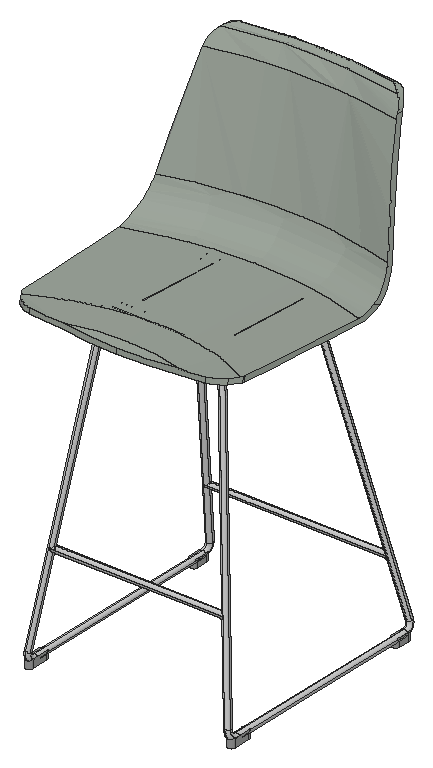
Revit family "FU_Stool_Sandler_Varya 0067-PP", category Furniture, Revit 2020
Family settings
  OmniClass Number = 23.40.20.00
  OmniClass Title = General Furniture and Specialties
  Work Plane-Based = No
  Always vertical = Yes
  Cut with Voids When Loaded = No
  Shared = No
  Room Calculation Point = No
Parameters (values of type "Varya 0067")
  Width = 465 mm
  URL = "https://www.sandlerseating.com/product/varya-0067/"
  Shell [instance] = Polypropylene - M2_V74
  Seat [instance] = none
  Model = "Varya 0067"
  Manufacturer = "Sandler"
  Height = 1020 mm
  Frame [instance] = Metal - Chrome - Polished
  Description = "High back counterstool with polypropylene shell, round steel tube sled base and upholstered seat. Greenguard Certified."
  Depth = 490 mm
  Default Elevation = 0 mm
Reference planes
  plane 1 "Center (Front/Back)": y = 0
  plane 2: z = 0
  plane 3 "Center (Left/Right)": x = 0
  plane 4 "Right": x = -232.5
  plane 5 "Left": x = 232.5
  plane 6 "Back": y = 245
  plane 7 "Front": y = -245
  plane 8 "Height": z = 1020
  plane 9 "Seat height": z = 640
  plane 10 "Frame Left FRONT": through (198.912, -1524, 31.346) normal (-0.9909, 0, -0.1347)
  plane 11 "Frame Right FRONT": through (-198.912, -1524, 31.346) normal (-0.9909, 0, 0.1347)
  plane 12 "Frame Front RIGHT": through (4267.2, -225.901, 30.141) normal (0, -0.9897, 0.1428)
  plane 13 "Frame Back RIGHT": through (4267.2, 224.33, 31.421) normal (0, -0.9743, -0.2253)
  plane 14 "Stretch F RIGHT": z = 214.183
  plane 15 "Stretch B RIGHT": z = 150.129
  plane 16 "F Cross Top RIGHT": through (4267.2, -130.821, 647.018) normal (0, 0.0581, 0.9983)
Forms (mm)
  Sweep 1, solid, material "Metal - Chrome - Polished" <- "Frame"
    path origin (199.487, 0, 27.117) x (0.134693, 0, -0.990887) y (0, -1, 0)
      loop
        line (-604.852, 139.98) -> (-5.632, 227.277)
        arc (-5.632, 227.277) -> (8.797, 223.082) -> (15.051, 209.42) r 18.05
        line (15.051, 209.42) -> (15.051, -210.213)
        arc (15.051, -210.213) -> (9.37, -222.076) -> (-3.434, -225.085) r 15.225
        line (-3.434, -225.085) -> (-595.732, -88.874)
    profile "Pro_Circles : 12mm" origin (201.514, 0.397, 12.202) x (0.134693, 0, -0.990887) y (-0.990887, 0, -0.134693)
      loop
        arc (-5.967, 0.067) -> (-4.287, -4.192) -> (-0.067, -5.967) r 5.901
        arc (-0.067, -5.967) -> (4.24, -4.24) -> (5.967, 0.067) r 5.902
        arc (5.967, 0.067) -> (4.192, 4.286) -> (-0.067, 5.967) r 5.901
        arc (-0.067, 5.967) -> (-4.238, 4.238) -> (-5.967, 0.067) r 5.9
  Sweep 2, solid, material "Metal - Chrome - Polished" <- "Frame"
    path origin (0, 219.842, 50.831) x (0, 0.225273, -0.974296) y (1, 0, 0)
      loop
        line (-577.263, 119.832) -> (-589.197, 118.167)
        arc (-589.197, 118.167) -> (-598.141, 112.876) -> (-600.665, 102.794) r 13.483
        arc (-600.665, 102.794) -> (-592.937, 0.192) -> (-600.665, -102.411) r 684.995
        arc (-600.665, -102.411) -> (-598.141, -112.492) -> (-589.197, -117.784) r 13.483
        line (-589.197, -117.784) -> (-577.238, -119.453)
    profile "Pro_Circles : 12mm" origin (119, 88.456, 619.07) x (-0.990407, 0.031128, -0.134628) y (0, -0.974296, -0.225273)
      loop
        arc (-5.967, 0.067) -> (-4.287, -4.192) -> (-0.067, -5.967) r 5.901
        arc (-0.067, -5.967) -> (4.24, -4.24) -> (5.967, 0.067) r 5.902
        arc (5.967, 0.067) -> (4.192, 4.286) -> (-0.067, 5.967) r 5.901
        arc (-0.067, 5.967) -> (-4.238, 4.238) -> (-5.967, 0.067) r 5.9
  Sweep 3, solid, material "Metal - Chrome - Polished" <- "Frame"
    path origin (0, -225.554, 32.548) x (0, -0.142821, -0.989748) y (1, 0, 0)
      loop
        line (-593.19, 118.99) -> (-606.091, 117.218)
        arc (-606.091, 117.218) -> (-617.596, 110.767) -> (-621.627, 98.208) r 18.026
        arc (-621.627, 98.208) -> (-618.484, 0) -> (-621.627, -98.208) r 1535.879
        arc (-621.627, -98.208) -> (-617.596, -110.767) -> (-606.091, -117.218) r 18.026
        line (-606.091, -117.218) -> (-593.19, -118.99)
    profile "Pro_Circles : 12mm" origin (0, -137.221, 644.691) x (0, -0.142821, -0.989748) y (0, -0.989748, 0.142821)
      loop
        arc (-5.967, 0.067) -> (-4.287, -4.192) -> (-0.067, -5.967) r 5.901
        arc (-0.067, -5.967) -> (4.24, -4.24) -> (5.967, 0.067) r 5.902
        arc (5.967, 0.067) -> (4.192, 4.286) -> (-0.067, 5.967) r 5.901
        arc (-0.067, 5.967) -> (-4.238, 4.238) -> (-5.967, 0.067) r 5.9
  Sweep 4, solid, material "Metal - Chrome - Polished" <- "Frame"
    path origin (-199.487, 0, 27.117) x (-0.134693, 0, -0.990887) y (0, -1, 0)
      loop
        line (-604.852, 139.98) -> (-5.632, 227.277)
        arc (-5.632, 227.277) -> (8.797, 223.082) -> (15.051, 209.42) r 18.05
        line (15.051, 209.42) -> (15.051, -210.213)
        arc (15.051, -210.213) -> (9.37, -222.076) -> (-3.434, -225.085) r 15.225
        line (-3.434, -225.085) -> (-595.732, -88.874)
    profile "Pro_Circles : 12mm" origin (-201.514, 0.397, 12.202) x (0.134693, 0, 0.990887) y (0.990887, 0, -0.134693)
      loop
        arc (5.967, 0.067) -> (4.238, 4.238) -> (0.067, 5.967) r 5.9
        arc (0.067, 5.967) -> (-4.192, 4.286) -> (-5.967, 0.067) r 5.901
        arc (-5.967, 0.067) -> (-4.24, -4.24) -> (0.067, -5.967) r 5.902
        arc (0.067, -5.967) -> (4.287, -4.192) -> (5.967, 0.067) r 5.901
  Sweep 5, solid, material "Metal - Chrome - Polished" <- "Frame"
    path origin (0, 0.43, 150.129) x (0, -1, 0) y (1, 0, 0)
      loop
        line (-196.904, -183) -> (-196.904, 183)
    profile "Pro_Circles : 12mm" origin (0, 197.334, 150.129) x (0, 1, 0) y (0, 0, 1)
      loop
        arc (-5.967, 0.067) -> (-4.287, -4.192) -> (-0.067, -5.967) r 5.901
        arc (-0.067, -5.967) -> (4.24, -4.24) -> (5.967, 0.067) r 5.902
        arc (5.967, 0.067) -> (4.192, 4.286) -> (-0.067, 5.967) r 5.901
        arc (-0.067, 5.967) -> (-4.238, 4.238) -> (-5.967, 0.067) r 5.9
  Sweep 6, solid, material "Metal - Chrome - Polished" <- "Frame"
    path origin (0, -1.25, 214.183) x (0, -1, 0) y (1, 0, 0)
      loop
        line (199.339, -172.034) -> (199.339, 171.965)
    profile "Pro_Circles : 12mm" origin (-0.034, -200.589, 214.183) x (0, 1, 0) y (0, 0, 1)
      loop
        arc (-5.967, 0.067) -> (-4.287, -4.192) -> (-0.067, -5.967) r 5.901
        arc (-0.067, -5.967) -> (4.24, -4.24) -> (5.967, 0.067) r 5.902
        arc (5.967, 0.067) -> (4.192, 4.286) -> (-0.067, 5.967) r 5.901
        arc (-0.067, 5.967) -> (-4.238, 4.238) -> (-5.967, 0.067) r 5.9
  SweptBlend 7, solid, material "Metal - Chrome - Polished" <- "Frame"
    path origin (0, 42.102, 636.998) x (0, -0.998312, 0.058087) y (1, 0, 0)
      loop
        line (178.874, -90.024) -> (-43.23, -90.024)
    profile "Pro_Frame_Loz : Pro_Frame_Loz" origin (-90.024, -136.469, 647.388) x (-1, 0, 0) y (0, 0.058087, 0.998312)
      loop
        arc (-6.206, 5.787) -> (-11.993, -0.419) -> (-5.787, -6.206) r 6
        line (-5.787, -6.206) -> (6.206, -5.787)
        arc (6.206, -5.787) -> (11.993, 0.419) -> (5.787, 6.206) r 6
        line (5.787, 6.206) -> (-6.206, 5.787)
    end profile "Pro_Frame_Loz : Pro_Frame_Loz" origin (-90.024, 85.26, 634.486) x (-1, 0, 0) y (0, 0.058087, 0.998312)
      loop
        arc (-6.594, 5.34) -> (-11.934, -1.254) -> (-5.34, -6.594) r 6
        line (-5.34, -6.594) -> (6.594, -5.34)
        arc (6.594, -5.34) -> (11.934, 1.254) -> (5.34, 6.594) r 6
        line (5.34, 6.594) -> (-6.594, 5.34)
  SweptBlend 8, solid, material "Metal - Chrome - Polished" <- "Frame"
    path origin (0, 42.102, 636.998) x (0, -0.998312, 0.058087) y (-1, 0, 0)
      loop
        line (178.874, -90.024) -> (-43.23, -90.024)
    profile "Pro_Frame_Loz : Pro_Frame_Loz" origin (90.024, -136.469, 647.388) x (-1, 0, 0) y (0, 0.058087, 0.998312)
      loop
        line (5.787, 6.206) -> (-6.206, 5.787)
        arc (-6.206, 5.787) -> (-11.993, -0.419) -> (-5.787, -6.206) r 6
        line (-5.787, -6.206) -> (6.206, -5.787)
        arc (6.206, -5.787) -> (11.993, 0.419) -> (5.787, 6.206) r 6
    end profile "Pro_Frame_Loz : Pro_Frame_Loz" origin (90.024, 85.26, 634.486) x (-1, 0, 0) y (0, 0.058087, 0.998312)
      loop
        line (5.34, 6.594) -> (-6.594, 5.34)
        arc (-6.594, 5.34) -> (-11.934, -1.254) -> (-5.34, -6.594) r 6
        line (-5.34, -6.594) -> (6.594, -5.34)
        arc (6.594, -5.34) -> (11.934, 1.254) -> (5.34, 6.594) r 6
  Extrusion 9, solid, material "Rubber, Black"
    sketch origin (0, 0, 0) x (1, 0, 0) y (0, 1, 0)
      loop
        arc (-194, -187.097) -> (-201.5, -179.597) -> (-209, -187.097) r 7.5
        line (-209, -187.097) -> (-209, -220.654)
        arc (-209, -220.654) -> (-201.5, -228.154) -> (-194, -220.654) r 7.5
        line (-194, -220.654) -> (-194, -187.097)
    from 0 to 15.919
  Extrusion 10, solid, material "Rubber, Black"
    sketch origin (0, 0, 0) x (1, 0, 0) y (0, 1, 0)
      loop
        line (-194, 189.328) -> (-194, 211.01)
        arc (-194, 211.01) -> (-201.5, 218.51) -> (-209, 211.01) r 7.5
        line (-209, 211.01) -> (-209, 189.328)
        arc (-209, 189.328) -> (-201.5, 181.828) -> (-194, 189.328) r 7.5
    from 0 to 15.919
  Extrusion 11, solid, material "Rubber, Black"
    sketch origin (0, 0, 0) x (-1, 0, 0) y (0, -1, 0)
      loop
        line (-194, 187.097) -> (-194, 220.654)
        arc (-194, 220.654) -> (-201.5, 228.154) -> (-209, 220.654) r 7.5
        line (-209, 220.654) -> (-209, 187.097)
        arc (-209, 187.097) -> (-201.5, 179.597) -> (-194, 187.097) r 7.5
    from 0 to 15.919
  Extrusion 12, solid, material "Rubber, Black"
    sketch origin (0, 0, 0) x (-1, 0, 0) y (0, -1, 0)
      loop
        arc (-194, -189.328) -> (-201.5, -181.828) -> (-209, -189.328) r 7.5
        line (-209, -189.328) -> (-209, -211.01)
        arc (-209, -211.01) -> (-201.5, -218.51) -> (-194, -211.01) r 7.5
        line (-194, -211.01) -> (-194, -189.328)
    from 0 to 15.919
Dimensions and locks
  equal spacing: plane 4 "Right", plane 3 "Center (Left/Right)", plane 5 "Left"
  "Width": plane 4 "Right" to plane 5 "Left"
  equal spacing: plane 6 "Back", plane 1 "Center (Front/Back)", plane 7 "Front"
  "Depth": plane 6 "Back" to plane 7 "Front"
  "Height": plane 8 "Height" to level
  plane 9 "Seat height" to level = 640 mm
  aligned and locked: level to plane 2
Automatic sketch dimensions
  plane 7 "Front" to Sweep 1 sketch curve = 105.02 mm
  Sweep 1 sketch curve to plane 1 "Center (Front/Back)" = 88.874 mm
  Sweep 1 sketch curve to Sweep 1 sketch curve = 9.12 mm
  plane 7 "Front" to Sweep 1 sketch curve = 17.723 mm
  Sweep 1 sketch curve to Sweep 1 sketch curve = 599.22 mm
  Sweep 1 sketch curve to plane 6 "Back" = 19.915 mm
  Sweep 1 sketch curve to Sweep 1 sketch curve = 2.198 mm
  Sweep 1 sketch curve to Sweep 1 sketch curve = 2.633 mm
  Sweep 1 sketch curve to Sweep 1 sketch curve = 3.261 mm
  Sweep 1 sketch curve to Sweep 1 sketch curve = 15.225 mm
  plane 3 "Center (Left/Right)" to Sweep 2 sketch curve = 0.192 mm
  plane 5 "Left" to Sweep 2 sketch curve = 114.333 mm
  Sweep 2 sketch curve to Sweep 2 sketch curve = 688.735 mm
  Sweep 2 sketch curve to plane 4 "Right" = 114.716 mm
  Sweep 2 sketch curve to Sweep 2 sketch curve = 0 mm  (x2)
  Sweep 2 sketch curve to Sweep 2 sketch curve = 1.863 mm  (x2)
  Sweep 2 sketch curve to Sweep 2 sketch curve = 13.354 mm  (x2)
  plane 5 "Left" to Sweep 2 sketch curve = 112.668 mm
  Sweep 2 sketch curve to Sweep 2 sketch curve = 11.934 mm
  Sweep 2 sketch curve to plane 4 "Right" = 113.047 mm
  Sweep 2 sketch curve to Sweep 2 sketch curve = 11.959 mm
  Sweep 3 sketch curve to plane 3 "Center (Left/Right)" = 0 mm
  plane 5 "Left" to Sweep 3 sketch curve = 115.282 mm
  Sweep 3 sketch curve to Sweep 3 sketch curve = 1548.272 mm
  Sweep 3 sketch curve to plane 4 "Right" = 115.282 mm
  Sweep 3 sketch curve to Sweep 3 sketch curve = 0 mm  (x2)
  Sweep 3 sketch curve to Sweep 3 sketch curve = 2.453 mm  (x2)
  Sweep 3 sketch curve to Sweep 3 sketch curve = 17.858 mm  (x2)
  Sweep 3 sketch curve to plane 4 "Right" = 113.51 mm
  Sweep 3 sketch curve to Sweep 3 sketch curve = 12.901 mm  (x2)
  plane 5 "Left" to Sweep 3 sketch curve = 113.51 mm
  Sweep 4 sketch curve to plane 7 "Front" = 17.723 mm
  plane 6 "Back" to Sweep 4 sketch curve = 19.915 mm
  Sweep 4 sketch curve to Sweep 4 sketch curve = 2.198 mm
  Sweep 4 sketch curve to Sweep 4 sketch curve = 2.633 mm
  Sweep 4 sketch curve to Sweep 4 sketch curve = 3.261 mm
  Sweep 4 sketch curve to Sweep 4 sketch curve = 15.225 mm
  plane 1 "Center (Front/Back)" to Sweep 4 sketch curve = 88.874 mm
  Sweep 4 sketch curve to Sweep 4 sketch curve = 592.297 mm
  Sweep 4 sketch curve to plane 7 "Front" = 105.02 mm
  Sweep 4 sketch curve to Sweep 4 sketch curve = 9.12 mm
  Sweep 5 sketch curve to plane 6 "Back" = 47.666 mm
  Sweep 5 sketch curve to plane 4 "Right" = 49.5 mm
  plane 5 "Left" to Sweep 5 sketch curve = 49.5 mm
  plane 7 "Front" to Sweep 6 sketch curve = 44.411 mm
  Sweep 6 sketch curve to plane 4 "Right" = 60.466 mm
  plane 5 "Left" to Sweep 6 sketch curve = 60.535 mm
  SweptBlend 7 sketch curve to plane 3 "Center (Left/Right)" = 90.024 mm
  SweptBlend 7 sketch curve to SweptBlend 7 sketch curve = 222.104 mm
  SweptBlend 8 sketch curve to plane 3 "Center (Left/Right)" = 90.024 mm
  SweptBlend 8 sketch curve to SweptBlend 8 sketch curve = 222.104 mm
  Extrusion 9 sketch curve to plane 4 "Right" = 23.5 mm
  Extrusion 9 sketch curve to Extrusion 9 sketch curve = 7.5 mm
  plane 7 "Front" to Extrusion 9 sketch curve = 24.346 mm
  Extrusion 9 sketch curve to Extrusion 9 sketch curve = 33.557 mm
  Extrusion 10 sketch curve to plane 4 "Right" = 23.5 mm
  Extrusion 10 sketch curve to Extrusion 10 sketch curve = 7.5 mm
  Extrusion 10 sketch curve to plane 6 "Back" = 55.672 mm
  Extrusion 10 sketch curve to Extrusion 10 sketch curve = 21.682 mm
  Extrusion 11 sketch curve to plane 5 "Left" = 23.5 mm
  Extrusion 11 sketch curve to Extrusion 11 sketch curve = 7.5 mm
  Extrusion 11 sketch curve to plane 7 "Front" = 24.346 mm
  Extrusion 11 sketch curve to Extrusion 11 sketch curve = 33.557 mm
  Extrusion 12 sketch curve to plane 5 "Left" = 23.5 mm
  Extrusion 12 sketch curve to Extrusion 12 sketch curve = 7.5 mm
  plane 6 "Back" to Extrusion 12 sketch curve = 55.672 mm
  Extrusion 12 sketch curve to Extrusion 12 sketch curve = 21.682 mm
Nested families
  nested 1: "TP01" at (0, 0.618, 599.176) x (1, 0, 0) z (0, 0.0581, 0.9983), Shell Material <- "Shell", type "TP01"
    with Shell Material Polypropylene - M2_V74
Definition of nested family "TP01"
  Parameters (values of type "TP01")
    Youtube clip = ""
    Uniformat II Description = "Movable Furnishings"
    Uniformat II Code = ""
    Uniclass 2015 Name = ""
    Uniclass 2015 Code = ""
    Uniclass 2.0 Description = ""
    Uniclass 2.0 Code = ""
    Uniclass 1.4 Description = ""
    Uniclass 1.4 Code = ""
    UNSPSC Code = ""
    Technical description = ""
    Default Elevation = 1219.2 mm
    401D = no
    Region South America = "All"
    Region Oceania = "All"
    Region North America = "All"
    Region Middle East = "All"
    Region Europe = "All"
    Region Asia = "All"
    Region Antarctica = "All"
    Region Africa = "All"
    QR code = "https://www.sandlerseating.com/product/dunas-lounge-5-1/"
    Product url = ""
    Product name = "Dunas Lounge 5.1"
    Product group = "Chair"
    Product family = "Furniture"
    Product data url = "https://www.sandlerseating.com/product/dunas-lounge-5-1/"
    Product certification = ""
    Product SKU = "??"
    Product Guid = "??"
    OmniClass Description = ""
    OmniClass Code = "23-21 23 15 17"
    NBS Reference Description = ""
    NBS Reference Code = ""
    Model = "Dunas Lounge 5.1"  # constant formula
    Masterformat 2014 Description = "Chair Mats"
    Masterformat 2014 Code = "12 48 43.13"
    Manufacturer name = "Sandler"
    Manufacturer country = "USA"
    Manufacturer = "Sandler"  # constant formula
    401G = yes
    Installation instructions = ""
    IFC Classification = "Furnishing Element"
    GTIN code = ""
    Edition number = 1
    Design country = "Brasil"
    Description = "Chair"  # constant formula
    Date of publishing = ""
    COBIe Type Category = ""
    Brand url = "https://www.sandlerseating.com/"
    Shell Material [instance] = none
    BIMobject main category code = "furniture"
    BIMobject main category = "Furniture"
    BIMobject category code = "furniture-chair"
    BIMobject category = "Chair"
  Reference planes
    plane 1 "Center Front/Back": y = 0
    plane 2: z = 0
    plane 3 "Center Left/Right": x = 0
    plane 4: y = 234.279
    plane 5: x = 400
    plane 6: x = -400
    plane 7: y = -500
    plane 8: x = -600
    plane 9: x = 600
  Forms (mm)
    SweptBlend 1, solid, material <- "Shell Material"
      path origin (5.681, -212.5, 0) x (1, 0, 0) y (0, 1, 0)
        loop
          arc (-317.221, 139.285) -> (-9.402, 229.926) -> (301.107, 148.975) r 600
      profile "Profile Lateral : Profile Lateral" origin (-311.539, -73.215, 0) x (-0.528701, 0.848808, 0) y (0, 0, 1)
        loop
          arc (220.072, 373.875) -> (220.776, 379.083) -> (216.324, 381.876) r 4.851
          arc (216.324, 381.876) -> (209.979, 378.228) -> (205.376, 372.537) r 19.958
          arc (205.376, 372.537) -> (196.162, 356.573) -> (188.635, 339.748) r 179.403
          arc (188.635, 339.748) -> (162.543, 233.058) -> (144.335, 124.743) r 1498.854
          arc (144.335, 124.743) -> (120.197, 79.841) -> (74.028, 58.225) r 81.068
          line (74.028, 58.225) -> (-180.577, 50.222)
          arc (-180.577, 50.222) -> (-217.915, 49.974) -> (-255.089, 46.48) r 428.848
          arc (-255.089, 46.48) -> (-277.323, 40.838) -> (-297.701, 30.309) r 100.67
          arc (-297.701, 30.309) -> (-299.067, 23.371) -> (-292.129, 22.005) r 5
          arc (-292.129, 22.005) -> (-273.768, 31.491) -> (-253.736, 36.572) r 90.67
          arc (-253.736, 36.572) -> (-217.251, 39.995) -> (-180.606, 40.216) r 418.848
          line (-180.606, 40.216) -> (74.763, 48.243)
          arc (74.763, 48.243) -> (126.989, 72.501) -> (154.223, 123.238) r 91.068
          arc (154.223, 123.238) -> (172.269, 230.706) -> (198.126, 336.566) r 1488.854
          arc (198.126, 336.566) -> (205.277, 352.434) -> (214.019, 367.485) r 169.403
          arc (214.019, 367.485) -> (216.964, 370.757) -> (220.072, 373.875) r 86.344
      end profile "Profile Lateral : Profile Lateral" origin (306.788, -63.525, 0) x (0.501844, 0.864958, 0) y (0, 0, 1)
        loop
          arc (220.072, 373.875) -> (220.776, 379.083) -> (216.324, 381.876) r 4.851
          arc (216.324, 381.876) -> (209.979, 378.228) -> (205.376, 372.537) r 19.958
          arc (205.376, 372.537) -> (196.162, 356.573) -> (188.635, 339.748) r 179.403
          arc (188.635, 339.748) -> (162.543, 233.058) -> (144.335, 124.743) r 1498.854
          arc (144.335, 124.743) -> (120.197, 79.841) -> (74.028, 58.225) r 81.068
          line (74.028, 58.225) -> (-180.577, 50.222)
          arc (-180.577, 50.222) -> (-217.915, 49.974) -> (-255.089, 46.48) r 428.848
          arc (-255.089, 46.48) -> (-277.323, 40.838) -> (-297.701, 30.309) r 100.67
          arc (-297.701, 30.309) -> (-299.067, 23.371) -> (-292.129, 22.005) r 5
          arc (-292.129, 22.005) -> (-273.768, 31.491) -> (-253.736, 36.572) r 90.67
          arc (-253.736, 36.572) -> (-217.251, 39.995) -> (-180.606, 40.216) r 418.848
          line (-180.606, 40.216) -> (74.763, 48.243)
          arc (74.763, 48.243) -> (126.989, 72.501) -> (154.223, 123.238) r 91.068
          arc (154.223, 123.238) -> (172.269, 230.706) -> (198.126, 336.566) r 1488.854
          arc (198.126, 336.566) -> (205.277, 352.434) -> (214.019, 367.485) r 169.403
          arc (214.019, 367.485) -> (216.964, 370.757) -> (220.072, 373.875) r 86.344
    Extrusion 2, void
      sketch origin (5.681, 0, 0) x (1, 0, 0) y (0, 1, 0)
        loop
          line (-247.765, 106.22) -> (-247.765, 266.22) -> (-487.765, 266.22) -> (-487.765, -333.78) -> (-7.5, -333.78) -> (472.765, -333.78) -> (472.765, 266.22) -> (232.765, 266.22) -> (232.765, 106.22) -> (213.357, -213.191)
          arc (213.357, -213.191) -> (196.502, -241.247) -> (166.837, -255.077) r 55.957
          arc (166.837, -255.077) -> (79.688, -257.728) -> (-7.5, -258.12) r 3363.946
          arc (-7.5, -258.12) -> (-94.688, -257.728) -> (-181.837, -255.077) r 3363.946
          arc (-181.837, -255.077) -> (-211.502, -241.247) -> (-228.357, -213.191) r 55.957
          line (-228.357, -213.191) -> (-247.765, 106.22)
      from 0 to 250
    Extrusion 3, void
      sketch origin (5.681, 0, 0) x (1, 0, 0) y (0, 0, 1)
        loop
          line (232.252, 65.67) -> (445.023, 65.67) -> (445.023, 415.67) -> (145.999, 415.67) -> (145.999, 382.34)
          arc (145.999, 382.34) -> (169.969, 371.303) -> (183.516, 348.657) r 44.637
          line (183.516, 348.657) -> (232.252, 65.67)
        loop
          line (-246.936, 65.67) -> (-200.298, 330.165) -> (-196.12, 348.236)
          arc (-196.12, 348.236) -> (-183.265, 370.366) -> (-160.18, 381.415) r 43.434
          line (-160.18, 381.415) -> (-160.18, 415.67) -> (-460.023, 415.67) -> (-460.023, 65.67) -> (-246.936, 65.67)
      from -241.575 to -57.793
  Cuts and joins
    Extrusion 2, Extrusion 3 cuts SweptBlend 1
  Dimensions and locks
    equal spacing: plane 6, plane 3 "Center Left/Right", plane 5
    plane 6 to plane 3 "Center Left/Right" = 400 mm
    aligned and locked: level to plane 2
  Automatic sketch dimensions
    plane 3 "Center Left/Right" to SweptBlend 1 sketch curve = 5.681 mm
    SweptBlend 1 sketch curve to plane 7 = 82.5 mm
    plane 6 to SweptBlend 1 sketch curve = 88.461 mm
    SweptBlend 1 sketch curve to plane 5 = 93.212 mm
    plane 1 "Center Front/Back" to SweptBlend 1 sketch curve = 73.215 mm
    Extrusion 2 sketch curve to plane 3 "Center Left/Right" = 1.819 mm  (x2)
    Extrusion 2 sketch curve to plane 3 "Center Left/Right" = 30.298 mm
    Extrusion 2 sketch curve to plane 3 "Center Left/Right" = 168.378 mm
    Extrusion 2 sketch curve to Extrusion 2 sketch curve = 54.298 mm  (x2)
    plane 6 to Extrusion 2 sketch curve = 157.917 mm
    Extrusion 2 sketch curve to plane 6 = 82.083 mm
    plane 3 "Center Left/Right" to Extrusion 2 sketch curve = 26.661 mm
    plane 3 "Center Left/Right" to Extrusion 2 sketch curve = 164.741 mm
    Extrusion 2 sketch curve to plane 5 = 161.554 mm
    plane 5 to Extrusion 2 sketch curve = 78.446 mm
    plane 1 "Center Front/Back" to Extrusion 2 sketch curve = 213.191 mm  (x2)
    Extrusion 2 sketch curve to Extrusion 2 sketch curve = 13.528 mm  (x2)
    Extrusion 2 sketch curve to plane 1 "Center Front/Back" = 106.22 mm  (x2)
    plane 4 to Extrusion 2 sketch curve = 31.941 mm  (x2)
    Extrusion 2 sketch curve to Extrusion 2 sketch curve = 2839.485 mm
    Extrusion 2 sketch curve to Extrusion 2 sketch curve = 0 mm
    plane 7 to Extrusion 2 sketch curve = 166.22 mm
    Extrusion 2 sketch curve to Extrusion 2 sketch curve = 7.778 mm
    Extrusion 3 sketch curve to plane 6 = 54.341 mm
    level to Extrusion 3 sketch curve = 65.67 mm  (x2)
    plane 6 to Extrusion 3 sketch curve = 158.746 mm
    plane 6 to Extrusion 3 sketch curve = 205.383 mm
    Extrusion 3 sketch curve to Extrusion 3 sketch curve = 4.178 mm
    Extrusion 3 sketch curve to Extrusion 3 sketch curve = 35.941 mm
    Extrusion 3 sketch curve to Extrusion 3 sketch curve = 6.377 mm
    plane 3 "Center Left/Right" to Extrusion 3 sketch curve = 145.83 mm
    Extrusion 3 sketch curve to Extrusion 3 sketch curve = 5.851 mm
    plane 5 to Extrusion 3 sketch curve = 50.704 mm
    Extrusion 3 sketch curve to Extrusion 3 sketch curve = 264.495 mm
    Extrusion 3 sketch curve to Extrusion 3 sketch curve = 272.419 mm
    Extrusion 3 sketch curve to Extrusion 3 sketch curve = 8.287 mm
    Extrusion 3 sketch curve to Extrusion 3 sketch curve = 18.071 mm
    Extrusion 3 sketch curve to Extrusion 3 sketch curve = 44.252 mm
    Extrusion 3 sketch curve to Extrusion 3 sketch curve = 34.255 mm
    Extrusion 3 sketch curve to Extrusion 3 sketch curve = 33.33 mm
    Extrusion 3 sketch curve to Extrusion 3 sketch curve = 43.368 mm
    Extrusion 3 sketch curve to plane 5 = 162.066 mm
